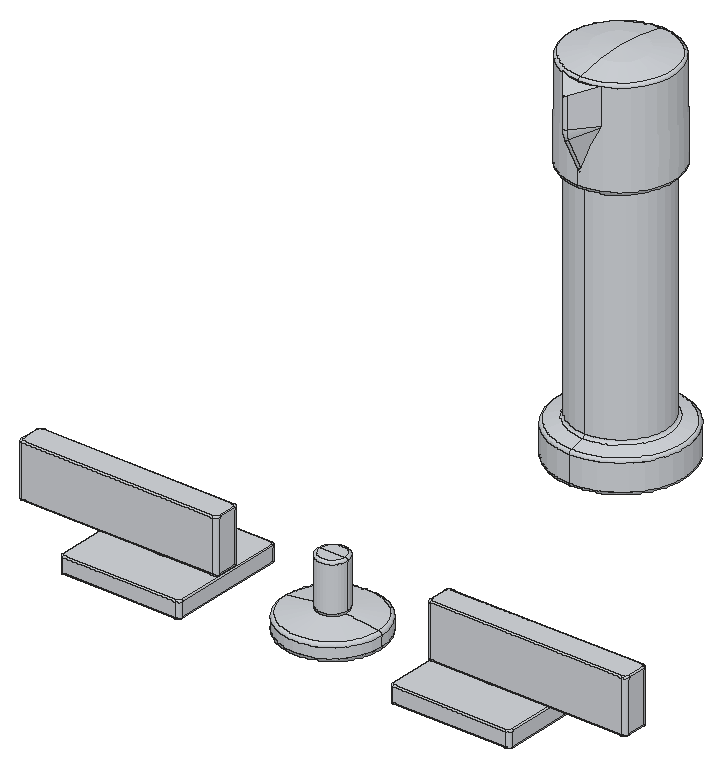
Revit family "Faucet-Bidet-KOHLER-Loure-K-14663", category Plumbing Fixtures, host Face, Revit 2017
Family settings
  Host = Face
  Round Connector Dimension = Use Diameter
  Part Type = Normal
  OmniClass Number = 23.31.11.00
  OmniClass Title = Faucets
  Cut with Voids When Loaded = No
  Shared = No
  Room Calculation Point = No
Parameters (values of type "CP-Polished Chrome")
  Width [instance] = Faucet Hole Spacing  # 5 1/2"
  WaterSense Certified = 1 = 0  # no
  Waste Water Outlet = "Waste Water Outlet"  # constant formula
  Waste Connection = 1 = 0  # no
  Vent Connection = 1 = 0  # no
  URL = "https://www.us.kohler.com/us/"
  Type = 1
  Spray Handle Distance [instance] = 6"
  Product Page URL = "http://www.us.kohler.com/us/catalog/productDetails.jsp?productNumber=14663-4"
  Product Name = "Loure"  # constant formula
  Product Documentation Link = "https://www.us.kohler.com/webassets/kpna/catalog/pdf/en/K-14663-4_spec.pdf"
  Pressure = 0.00 psi
  Model = if(Type = 1, "K-14663-4-CP", if(Type = 2, "K-14663-4-SN", if(Type = 3, "K-14663-4-BN", "NA")))  # "K-14663-4-CP"
  Material = "Premium Metal construction"  # constant formula
  MasterFormat 2004 = "22.41.39"  # constant formula
  MasterFormat 1995 = "15410"  # constant formula
  Manufacturer Address = "444 Highland Dr, Kohler, WI 53044"  # constant formula
  Manufacturer = "KOHLER Co."  # constant formula
  Length = 2 1/8"  # constant formula
  Hot Water Inlet = "Hot Water Inlet"  # constant formula
  Height = 6 1/8"  # constant formula
  Handle Clearance = 2 5/16"  # constant formula
  HW Connection = 1 = 1  # yes
  Flow Rate = 0 GPM
  Finish = Kohler-Metal-CP-Polished_Chrome
  Faucet Hole Spacing [instance] = 5 1/2"
  Environmental Product Declaration = ""
  Drain Included = 1 = 1  # yes
  Description = "Vertical bidet faucet with lever handles"  # constant formula
  Default Elevation = 36"
  Declare Label = ""
  Date Modified = "01/29/2020"  # constant formula
  Date Created = "01/29/2020"  # constant formula
  Copyright = "Copyright KOHLER Co."  # constant formula
  Contact Us = "https://www.us.kohler.com/us/static/contact.jsp"
  Cold Water Inlet = "Cold Water Inlet"  # constant formula
  CW Connection = 1 = 1  # yes
  Assembly Code = "D2010"
  ADA Compliant = 1 = 0  # no
Types (4): name | Type | Model | Finish
  (no name) | 1 | "K-14663-4-CP" | Kohler-Metal-CP-Polished_Chrome
  CP-Polished Chrome | 1 | "K-14663-4-CP" | Kohler-Metal-CP-Polished_Chrome
  SN-Vibrant Polished Nickel | 2 | "K-14663-4-SN" | Kohler-Metal-SN-Vibrant_Polished_Nickel
  BN-Vibrant Brushed Nickel | 3 | "K-14663-4-BN" | Kohler-Metal-BN-Vibrant_Brushed_Nickel
Reference planes (in)
  plane 1 "Center (Front/Back)": y = 0
  plane 2: z = 0
  plane 3 "Center (Left/Right)": x = 0
  plane 4: y = 6
  plane 5: x = -2.75
  plane 6: y = 1
  plane 7: y = -1
  plane 8: x = -3.75
  plane 9: x = -1.75
  plane 10: x = 2.75
  plane 11: x = 1.75
  plane 12: x = 3.75
  plane 13: x = 5.0625
  plane 14: x = -5.0625
  plane 15: y = 7.0625
  plane 16: y = 4.9375
  plane 17: x = -1.0625
  plane 18: x = 1.0625
  plane 19: y = 4.8194
  plane 20: z = 1.1875
  plane 21: x = -0.8125
  plane 22: x = 0.8125
  plane 23: y = 0.8125
  plane 24: y = -0.8125
  plane 25: z = 6.125
Dimensions and locks (in)
  "Spray Handle Distance": plane 1 "Center (Front/Back)" to plane 4
  locked: plane 8 to plane 9 at 2
  locked: plane 11 to plane 12 at 2
  "Handle Clearance": plane 10 to plane 13
  "Handle Clearance": plane 14 to plane 5
  equal spacing: plane 15, plane 4, plane 16
  "Length": plane 15 to plane 16
  locked: plane 16 to plane 19 at 0.1181
  locked: plane 7 to plane 6 at 2
  locked: plane 23 to plane 24 at 1.625
  locked: plane 17 to plane 18 at 2.125
  locked: plane 22 to plane 21 at 1.625
  locked: plane 20 to plane 2 at 1.1875
  plane 15 to plane 19 = 2.2431"
  "Faucet Hole Spacing": plane 5 to plane 10
  "Height": plane 25 to plane 2
  plane 15 to plane 16 = 2 1/8"
  equal spacing: plane 5, plane 3 "Center (Left/Right)", plane 10
  equal spacing: plane 8, plane 5, plane 9
  equal spacing: plane 11, plane 10, plane 12
  aligned and locked: plane 2 to host face
  aligned and locked: level to host face
  aligned and locked: plane 4 to nested 3
  aligned and locked: plane 5 to nested 2
  aligned and locked: plane 10 to nested 4
Automatic sketch dimensions
  host sketch curve to host sketch curve = 96"  (x2)
Nested families (in)
  nested 1: "K-14663" at (0, 0, 0), type "K-14663"
  nested 2: "K-14663_Handle" at (-2.75, 0, 0), type "K-14663_Handle"
  nested 3: "K-14663_Faucet" at (0, 6, 0), type "K-14663_Faucet"
  nested 4: "K-14663_Handle" at (2.75, 0, 0) x (-1, 0, 0) z (0, 0, 1), type "K-14663_Handle"
Connectors (in)
  piping at (-2.75, 0, 0), diameter 0.5, driven by "HW Connection", driven by "Hot Water Inlet"
    settings: on nested 2, index 1, connector inside diameter 24", connector length 0", flow factor 0, pipe flow 0 GPM, pressure drop 0.00 psi, fitting loss kfactor 0, connector angle 0.00°, fixture units 0, engagement length 0", angle of deflection 0.00°, flow configuration 0, flow direction 1, fitting loss method 0, system type 19, joint type 0, gender type 0, connector reference index -1, connector utility 1, adjustable connector no, is connector primary yes, connector description "Hot Water Inlet"
  piping at (2.75, 0, 0), diameter 0.5, driven by "CW Connection", driven by "Cold Water Inlet"
    settings: on nested 4, index 2, connector inside diameter 24", connector length 0", flow factor 0, pipe flow 0 GPM, pressure drop 0.00 psi, fitting loss kfactor 0, connector angle 0.00°, fixture units 0, engagement length 0", angle of deflection 0.00°, flow configuration 0, flow direction 1, fitting loss method 0, system type 20, joint type 0, gender type 0, connector reference index -1, connector utility 1, adjustable connector no, is connector primary no, connector description "Cold Water Inlet"
Definition of nested family "K-14663"
  Parameters (values of type "K-14663")
    Finish = none
  Reference planes (in)
    plane 1 "Center (Front/Back)": y = 0
    plane 2: z = 0
    plane 3 "Center (Left/Right)": x = 0
    plane 4: y = 0.8125
    plane 5: y = -0.8125
    plane 6: x = -0.8125
    plane 7: x = 0.8125
    plane 8: z = 1.18627
  Forms (in)
    Revolve 1, solid, material <- "Finish", detail levels medium+fine
      sketch origin (0, 0, 0) x (1, 0, 0) y (0, 0, 1)
        loop
          line (0, 1.18627) -> (-0.20995, 1.18627)
          arc (-0.20995, 1.18627) -> (-0.23816, 1.17459) -> (-0.24984, 1.14638) r 0.03989
          line (-0.24984, 1.14638) -> (-0.24984, 0.40734)
          arc (-0.24984, 0.40734) -> (-0.23781, 0.3783) -> (-0.20877, 0.36627) r 0.04107
          arc (-0.20877, 0.36627) -> (-0.48731, 0.33595) -> (-0.76312, 0.28659) r 4.08012
          arc (-0.76312, 0.28659) -> (-0.79861, 0.26476) -> (-0.8125, 0.22548) r 0.0625
          line (-0.8125, 0.22548) -> (-0.8125, 0.06122)
          arc (-0.8125, 0.06122) -> (-0.79457, 0.01793) -> (-0.75128, 0) r 0.06122
          line (-0.75128, 0) -> (0, 0) -> (0, 1.18627)
        axis (0, 1.18627) -> (0, 0)
      angle from 0 to 360
    Revolve 2, solid, material <- "Finish", detail levels coarse
      sketch origin (0, 0, 0) x (1, 0, 0) y (0, 0, 1)
        loop
          line (-0.8125, 0) -> (0, 0) -> (0, 1.18627) -> (-0.24984, 1.18627) -> (-0.24984, 0.36627) -> (-0.8125, 0.36627) -> (-0.8125, 0)
        axis (0, 1.18627) -> (0, 0)
      angle from 0 to 360
  Lines and regions (in)
    Masking region 1
      outline origin (0, 0, 0) x (1, 0, 0) y (0, 1, 0)
        loop
          circle (0, 0) r 0.8125
    Masking region 2
      outline origin (0, 0, 0) x (1, 0, 0) y (0, 0, 1)
        loop
          line (-0.75128, 0) -> (0, 0) -> (0.75128, 0)
          arc (0.75128, 0) -> (0.79457, 0.01793) -> (0.8125, 0.06122) r 0.06122
          line (0.8125, 0.06122) -> (0.8125, 0.22548)
          arc (0.8125, 0.22548) -> (0.79861, 0.26476) -> (0.76312, 0.28659) r 0.0625
          arc (0.76312, 0.28659) -> (0.48731, 0.33595) -> (0.20877, 0.36627) r 4.08012
          arc (0.20877, 0.36627) -> (0.23781, 0.3783) -> (0.24984, 0.40734) r 0.04107
          line (0.24984, 0.40734) -> (0.24984, 1.14638)
          arc (0.24984, 1.14638) -> (0.23816, 1.17459) -> (0.20995, 1.18627) r 0.03989
          line (0.20995, 1.18627) -> (0, 1.18627) -> (-0.20995, 1.18627)
          arc (-0.20995, 1.18627) -> (-0.23816, 1.17459) -> (-0.24984, 1.14638) r 0.03989
          line (-0.24984, 1.14638) -> (-0.24984, 0.40734)
          arc (-0.24984, 0.40734) -> (-0.23781, 0.3783) -> (-0.20877, 0.36627) r 0.04107
          arc (-0.20877, 0.36627) -> (-0.48731, 0.33595) -> (-0.76312, 0.28659) r 4.08012
          arc (-0.76312, 0.28659) -> (-0.79861, 0.26476) -> (-0.8125, 0.22548) r 0.0625
          line (-0.8125, 0.22548) -> (-0.8125, 0.06122)
          arc (-0.8125, 0.06122) -> (-0.79457, 0.01793) -> (-0.75128, 0) r 0.06122
    Masking region 3
      outline origin (0, 0, 0) x (0, 1, 0) y (0, 0, 1)
        loop
          arc (0.75128, 0) -> (0.79457, 0.01793) -> (0.8125, 0.06122) r 0.06122
          line (0.8125, 0.06122) -> (0.8125, 0.22548)
          arc (0.8125, 0.22548) -> (0.79861, 0.26476) -> (0.76312, 0.28659) r 0.0625
          arc (0.76312, 0.28659) -> (0.48731, 0.33595) -> (0.20877, 0.36627) r 4.08012
          arc (0.20877, 0.36627) -> (0.23781, 0.3783) -> (0.24984, 0.40734) r 0.04107
          line (0.24984, 0.40734) -> (0.24984, 1.14638)
          arc (0.24984, 1.14638) -> (0.23816, 1.17459) -> (0.20995, 1.18627) r 0.03989
          line (0.20995, 1.18627) -> (0, 1.18627) -> (-0.20995, 1.18627)
          arc (-0.20995, 1.18627) -> (-0.23816, 1.17459) -> (-0.24984, 1.14638) r 0.03989
          line (-0.24984, 1.14638) -> (-0.24984, 0.40734)
          arc (-0.24984, 0.40734) -> (-0.23781, 0.3783) -> (-0.20877, 0.36627) r 0.04107
          arc (-0.20877, 0.36627) -> (-0.48731, 0.33595) -> (-0.76312, 0.28659) r 4.08012
          arc (-0.76312, 0.28659) -> (-0.79861, 0.26476) -> (-0.8125, 0.22548) r 0.0625
          line (-0.8125, 0.22548) -> (-0.8125, 0.06122)
          arc (-0.8125, 0.06122) -> (-0.79457, 0.01793) -> (-0.75128, 0) r 0.06122
          line (-0.75128, 0) -> (0, 0) -> (0.75128, 0)
    symbolic lines, detail levels medium+fine
      curve 1: circle (0, 0, 0) r 0.25 normal (0, 0, 1)
      curve 2: line (-0.20877, 0, 0.36627) -> (0.20877, 0, 0.36627)
      curve 3: line (0, 0.20877, 0.36627) -> (0, -0.20877, 0.36627)
  Dimensions and locks (in)
    plane 1 "Center (Front/Back)" to plane 4 = 13/16"
    plane 6 to plane 3 "Center (Left/Right)" = 13/16"
    aligned and locked: plane 2 to level
Definition of nested family "K-14663_Handle"
  Parameters (values of type "K-14663_Handle")
    Finish = none
  Reference planes (in)
    plane 1 "Center (Front/Back)": y = 0
    plane 2: z = 0
    plane 3 "Center (Left/Right)": x = 0
    plane 4: y = 1
    plane 5: y = -1
    plane 6: x = -1
    plane 7: x = 1
    plane 8: x = -2.3125
    plane 9: z = 1.1875
  Forms (in)
    Sweep 1, solid, material <- "Finish", detail levels medium+fine
      path origin (0, 0, 0) x (1, 0, 0) y (0, 1, 0)
        loop
          line (-1, 0.94122) -> (-1, -0.94122)
          arc (-1, -0.94122) -> (-0.98278, -0.98278) -> (-0.94122, -1) r 0.05878
          line (-0.94122, -1) -> (0.94122, -1)
          arc (0.94122, -1) -> (0.98278, -0.98278) -> (1, -0.94122) r 0.05878
          line (1, -0.94122) -> (1, 0.94122)
          arc (1, 0.94122) -> (0.98278, 0.98278) -> (0.94122, 1) r 0.05878
          line (0.94122, 1) -> (-0.94122, 1)
          arc (-0.94122, 1) -> (-0.98278, 0.98278) -> (-1, 0.94122) r 0.05878
      profile origin (0, 1, 0) x (0, 1, 0) y (0, 0, 1)
        loop
          line (0, 0.02255) -> (0, 0.25531)
          arc (0, 0.25531) -> (-0.00577, 0.26923) -> (-0.01969, 0.275) r 0.01969
          line (-0.01969, 0.275) -> (-0.05521, 0.275) -> (-0.05521, 0) -> (-0.02255, 0)
          arc (-0.02255, 0) -> (-0.00661, 0.00661) -> (0, 0.02255) r 0.02255
    Extrusion 2, solid, material <- "Finish", detail levels medium+fine
      sketch origin (0, 0, 0) x (1, 0, 0) y (0, 1, 0)
        loop
          line (-0.94479, 0.94479) -> (-0.94479, -0.94479) -> (0.94479, -0.94479) -> (0.94479, 0.94479) -> (-0.94479, 0.94479)
      from 0 to 0.275
    Sweep 3, solid, material <- "Finish", detail levels medium+fine
      path origin (0, 0, 0) x (1, 0, 0) y (0, 1, 0)
        loop
          arc (1, 0.15359) -> (0.98055, 0.20055) -> (0.93359, 0.22) r 0.06641
          line (0.93359, 0.22) -> (-2.24466, 0.22)
          arc (-2.24466, 0.22) -> (-2.29263, 0.20013) -> (-2.3125, 0.15216) r 0.06784
          line (-2.3125, 0.15216) -> (-2.3125, -0.15359)
          arc (-2.3125, -0.15359) -> (-2.29305, -0.20055) -> (-2.24609, -0.22) r 0.06641
          line (-2.24609, -0.22) -> (0.93359, -0.22)
          arc (0.93359, -0.22) -> (0.98055, -0.20055) -> (1, -0.15359) r 0.06641
          line (1, -0.15359) -> (1, 0.15359)
      profile origin (-2.3125, -0.00071, 0) x (1, 0, 0) y (0, 0, 1)
        loop
          line (0.05286, 1.1875) -> (0.02044, 1.1875)
          arc (0.02044, 1.1875) -> (0.00599, 1.18151) -> (0, 1.16706) r 0.02044
          line (0, 1.16706) -> (0, 0.32278)
          arc (0, 0.32278) -> (0.00638, 0.30738) -> (0.02178, 0.301) r 0.02178
          line (0.02178, 0.301) -> (0.05286, 0.301) -> (0.05286, 1.1875)
    Extrusion 4, solid, material <- "Finish", detail levels medium+fine
      sketch origin (0, 0, 0) x (1, 0, 0) y (0, 1, 0)
        loop
          line (-2.27526, -0.17495) -> (0.96276, -0.17495) -> (0.96276, 0.17495) -> (-2.27526, 0.17495) -> (-2.27526, -0.17495)
      from 0.301 to 1.18627
    Extrusion 5, solid, material <- "Finish", detail levels medium+fine
      sketch origin (0, 0, 0) x (1, 0, 0) y (0, 1, 0)
        loop
          circle (0, 0) r 0.18165
      from 0.21727 to 0.3324
    Extrusion 6, solid, material <- "Finish", detail levels coarse
      sketch origin (0, 0, 0) x (1, 0, 0) y (0, 1, 0)
        loop
          line (-1, 1) -> (-1, -1) -> (1, -1) -> (1, 1) -> (-1, 1)
      from 0 to 0.275
    Extrusion 7, solid, material <- "Finish", detail levels coarse
      sketch origin (0, 0, 0) x (1, 0, 0) y (0, 1, 0)
        loop
          line (1, 0.21999) -> (-2.3125, 0.21999) -> (-2.3125, -0.21999) -> (1, -0.21999) -> (1, 0.21999)
      from 0.301 to 1.18021
    Extrusion 8, solid, material <- "Finish", detail levels coarse
      sketch origin (0, 0, 0) x (1, 0, 0) y (0, 1, 0)
        loop
          circle (0, 0) r 0.20478
      from 0.10026 to 0.66149
    Extrusion 9, solid, material <- "Finish", detail levels medium+fine
      sketch origin (0, 0, 0) x (1, 0, 0) y (0, 1, 0)
        loop
          circle (0, 0) r 0.06418
      from 0 to 0.05774
  Cuts and joins
    joined: Sweep 1, Extrusion 2, Sweep 3, Extrusion 4, Extrusion 5
    joined: Extrusion 6, Extrusion 7, Extrusion 8
  Lines and regions (in)
    Masking region 1
      outline origin (0, 0, 0) x (1, 0, 0) y (0, 1, 0)
        loop
          arc (-0.94023, 1) -> (-0.98249, 0.98249) -> (-1, 0.94023) r 0.05977
          line (-1, 0.94023) -> (-1, 0.21999) -> (-2.2447, 0.21999)
          arc (-2.2447, 0.21999) -> (-2.29264, 0.20013) -> (-2.3125, 0.15219) r 0.0678
          line (-2.3125, 0.15219) -> (-2.3125, -0.15359)
          arc (-2.3125, -0.15359) -> (-2.29305, -0.20054) -> (-2.2461, -0.21999) r 0.0664
          line (-2.2461, -0.21999) -> (-1, -0.21999) -> (-1, -0.94347)
          arc (-1, -0.94347) -> (-0.98344, -0.98344) -> (-0.94347, -1) r 0.05653
          line (-0.94347, -1) -> (0.94033, -1)
          arc (0.94033, -1) -> (0.98252, -0.98252) -> (1, -0.94033) r 0.05967
          line (1, -0.94033) -> (1, 0.94076)
          arc (1, 0.94076) -> (0.98265, 0.98265) -> (0.94076, 1) r 0.05924
          line (0.94076, 1) -> (-0.94023, 1)
    Masking region 2
      outline origin (0, 0, 0) x (1, 0, 0) y (0, 0, 1)
        loop
          line (0.97942, 0.275) -> (0.19986, 0.275) -> (0.18165, 0.301) -> (0.97885, 0.301)
          arc (0.97885, 0.301) -> (0.99381, 0.30719) -> (1, 0.32215) r 0.02115
          line (1, 0.32215) -> (1, 1.16686)
          arc (1, 1.16686) -> (0.99395, 1.18145) -> (0.97936, 1.1875) r 0.02064
          line (0.97936, 1.1875) -> (-2.2904, 1.1875)
          arc (-2.2904, 1.1875) -> (-2.30603, 1.18103) -> (-2.3125, 1.1654) r 0.0221
          line (-2.3125, 1.1654) -> (-2.3125, 0.32411)
          arc (-2.3125, 0.32411) -> (-2.30573, 0.30777) -> (-2.28939, 0.301) r 0.02311
          line (-2.28939, 0.301) -> (-0.18165, 0.301) -> (-0.19986, 0.275) -> (-0.98016, 0.275)
          arc (-0.98016, 0.275) -> (-0.99419, 0.26919) -> (-1, 0.25516) r 0.01984
          line (-1, 0.25516) -> (-1, 0.02207)
          arc (-1, 0.02207) -> (-0.99353, 0.00647) -> (-0.97793, 0) r 0.02207
          line (-0.97793, 0) -> (0.97734, 0)
          arc (0.97734, 0) -> (0.99336, 0.00664) -> (1, 0.02266) r 0.02266
          line (1, 0.02266) -> (1, 0.25442)
          arc (1, 0.25442) -> (0.99397, 0.26897) -> (0.97942, 0.275) r 0.02058
    Masking region 3
      outline origin (0, 0, 0) x (0, 1, 0) y (0, 0, 1)
        loop
          arc (0.97889, 0) -> (0.99382, 0.00618) -> (1, 0.02111) r 0.02111
          line (1, 0.02111) -> (1, 0.25535)
          arc (1, 0.25535) -> (0.99425, 0.26925) -> (0.98035, 0.275) r 0.01965
          line (0.98035, 0.275) -> (0.17966, 0.275) -> (0.16212, 0.301) -> (0.19847, 0.301)
          arc (0.19847, 0.301) -> (0.2137, 0.30731) -> (0.22002, 0.32255) r 0.02155
          line (0.22002, 0.32255) -> (0.22002, 1.1675)
          arc (0.22002, 1.1675) -> (0.21416, 1.18164) -> (0.20002, 1.1875) r 0.02
          line (0.20002, 1.1875) -> (-0.20002, 1.1875)
          arc (-0.20002, 1.1875) -> (-0.21416, 1.18164) -> (-0.22002, 1.1675) r 0.02
          line (-0.22002, 1.1675) -> (-0.22002, 0.32255)
          arc (-0.22002, 0.32255) -> (-0.2137, 0.30731) -> (-0.19847, 0.301) r 0.02155
          line (-0.19847, 0.301) -> (-0.16212, 0.301) -> (-0.17966, 0.275) -> (-0.98035, 0.275)
          arc (-0.98035, 0.275) -> (-0.99425, 0.26925) -> (-1, 0.25535) r 0.01965
          line (-1, 0.25535) -> (-1, 0.02111)
          arc (-1, 0.02111) -> (-0.99382, 0.00618) -> (-0.97889, 0) r 0.02111
          line (-0.97889, 0) -> (0.97889, 0)
    symbolic lines, detail levels medium+fine
      curve 1: line (-1, 0.21999, 0) -> (0.92276, 0.21999, 0)
      curve 2: line (-1, -0.21999, 0) -> (0.92276, -0.21999, 0)
      curve 3: arc (0.92276, -0.21999, 0) -> (0.98106, -0.19372, 0) -> (1, -0.13264, 0) r 0.07783
      curve 4: arc (0.92276, 0.21999, 0) -> (0.97396, 0.20083, 0) -> (1, 0.15276, 0) r 0.07799
      curve 5: line (-0.19986, 0, 0.275) -> (0.19986, 0, 0.275)
      curve 6: line (-0.18165, 0, 0.301) -> (0.18165, 0, 0.301)
      curve 7: line (0, 0.16212, 0.301) -> (0, -0.16212, 0.301)
      curve 8: line (0, 0.17966, 0.275) -> (0, -0.17966, 0.275)
  Dimensions and locks (in)
    plane 1 "Center (Front/Back)" to plane 4 = 1"
    plane 6 to plane 3 "Center (Left/Right)" = 1"
    plane 8 to plane 3 "Center (Left/Right)" = 2 5/16"
    aligned and locked: plane 2 to level
Definition of nested family "K-14663_Faucet"
  Parameters (values of type "K-14663_Faucet")
    Material = none
  Reference planes (in)
    plane 1 "Center (Front/Back)": y = 0
    plane 2: z = 0
    plane 3 "Center (Left/Right)": x = 0
    plane 4: z = 6.125
    plane 5: y = 1.0625
    plane 6: y = -1.0625
    plane 7: x = -1.0625
    plane 8: x = 1.0625
    plane 9: y = 0
  Forms (in)
    Revolve 1, solid, material <- "Material", detail levels medium+fine
      sketch origin (0, 0, 0) x (0, 1, 0) y (0, 0, 1)
        loop
          line (0, 0) -> (1.01377, 0)
          arc (1.01377, 0) -> (1.04823, 0.01427) -> (1.0625, 0.04873) r 0.04873
          line (1.0625, 0.04873) -> (1.0625, 0.48379)
          arc (1.0625, 0.48379) -> (1.05096, 0.51778) -> (1.02112, 0.53772) r 0.05583
          line (1.02112, 0.53772) -> (0.79067, 0.59947)
          arc (0.79067, 0.59947) -> (0.76134, 0.61907) -> (0.75, 0.65247) r 0.05487
          line (0.75, 0.65247) -> (0.75, 4.37497) -> (0.84355, 4.37497)
          arc (0.84355, 4.37497) -> (0.87583, 4.38842) -> (0.88901, 4.42081) r 0.04547
          line (0.88901, 4.42081) -> (0.87626, 5.9721)
          arc (0.87626, 5.9721) -> (0.86488, 6.00446) -> (0.83605, 6.02304) r 0.05293
          arc (0.83605, 6.02304) -> (0.42113, 6.09943) -> (0, 6.12497) r 3.47549
          line (0, 6.12497) -> (0, 0)
        axis (0, 0) -> (0, 6.12497)
      angle from 0 to 360
    Sweep 2, solid, material <- "Material", detail levels medium+fine
      path origin (0, 0, 0.01562) x (0, 1, 0) y (0, 0, 1)
        loop
          line (-1.17997, 6.12296) -> (-1.17997, 5.37296)
          arc (-1.17997, 5.37296) -> (-1.16941, 5.27921) -> (-1.13826, 5.19016) r 0.42147
          line (-1.13826, 5.19016) -> (-0.83096, 4.55175)
      profile origin (0, -1.17997, 5.76359) x (1, 0, 0) y (0, 1, 0)
        loop
          line (0.36438, 0.42049) -> (-0.36438, 0.42049) -> (-0.03836, 0.01788)
          arc (-0.03836, 0.01788) -> (0, -0.00041) -> (0.03836, 0.01788) r 0.04935
          line (0.03836, 0.01788) -> (0.36438, 0.42049)
    Extrusion 3, void
      sketch origin (0, 0, -0.01953) x (0, 1, 0) y (0, 0, 1)
        loop
          line (-0.74656, 6.0223) -> (-0.74656, 6.20201) -> (-1.25555, 6.20201) -> (-1.25555, 5.86875)
          arc (-1.25555, 5.86875) -> (-1.00426, 5.95616) -> (-0.74656, 6.0223) r 3.18536
      from -0.40203 to 0.39277
    Revolve 4, solid, material <- "Material", detail levels coarse
      sketch origin (0, 0, 0) x (0, 1, 0) y (0, 0, 1)
        loop
          line (0, 0) -> (1.0625, 0) -> (1.0625, 0.52664) -> (0.88902, 0.57312) -> (0.88902, 6.125) -> (0, 6.125) -> (0, 0)
        axis (0, 6.125) -> (0, 0)
      angle from 0 to 360
    Extrusion 5, solid, material <- "Material", detail levels coarse
      sketch origin (0, 0, 0) x (0, 1, 0) y (0, 0, 1)
        loop
          line (-1.18038, 6.05788) -> (-1.18038, 4.56719) -> (-0.75948, 4.56719) -> (-0.75948, 6.05788) -> (-1.18038, 6.05788)
      from -0.36438 to 0.36438
  Cuts and joins
    Extrusion 3 cuts Sweep 2
    joined: Revolve 4, Extrusion 5
  Lines and regions (in)
    Masking region 1
      outline origin (0, 0, 0) x (0, 1, 0) y (0, 0, 1)
        loop
          arc (1.01339, 0) -> (1.04812, 0.01438) -> (1.0625, 0.04911) r 0.04911
          line (1.0625, 0.04911) -> (1.0625, 0.48491)
          arc (1.0625, 0.48491) -> (1.05126, 0.51802) -> (1.0222, 0.53744) r 0.05438
          line (1.0222, 0.53744) -> (0.79058, 0.5995)
          arc (0.79058, 0.5995) -> (0.76131, 0.61905) -> (0.75, 0.65238) r 0.05474
          line (0.75, 0.65238) -> (0.75, 4.37584) -> (0.84433, 4.37584)
          arc (0.84433, 4.37584) -> (0.87607, 4.38906) -> (0.88902, 4.42091) r 0.04469
          line (0.88902, 4.42091) -> (0.87609, 5.973)
          arc (0.87609, 5.973) -> (0.86468, 6.00542) -> (0.83579, 6.02404) r 0.05304
          arc (0.83579, 6.02404) -> (-0.18004, 6.12117) -> (-1.18038, 5.91949) r 3.48027
          line (-1.18038, 5.91949) -> (-1.18038, 5.45191)
          arc (-1.18038, 5.45191) -> (-1.16979, 5.35798) -> (-1.13854, 5.26876) r 0.42183
          line (-1.13854, 5.26876) -> (-0.88632, 4.74546) -> (-0.88902, 4.42091)
          arc (-0.88902, 4.42091) -> (-0.87607, 4.38906) -> (-0.84433, 4.37584) r 0.04469
          line (-0.84433, 4.37584) -> (-0.75, 4.37584) -> (-0.75, 0.65238)
          arc (-0.75, 0.65238) -> (-0.76131, 0.61905) -> (-0.79058, 0.5995) r 0.05474
          line (-0.79058, 0.5995) -> (-1.0222, 0.53744)
          arc (-1.0222, 0.53744) -> (-1.05126, 0.51802) -> (-1.0625, 0.48491) r 0.05438
          line (-1.0625, 0.48491) -> (-1.0625, 0.04911)
          arc (-1.0625, 0.04911) -> (-1.04812, 0.01438) -> (-1.01339, 0) r 0.04911
          line (-1.01339, 0) -> (1.01339, 0)
    Masking region 2
      outline origin (0, 0, 0) x (1, 0, 0) y (0, 0, 1)
        loop
          line (-1.01339, 0) -> (1.01339, 0)
          arc (1.01339, 0) -> (1.04812, 0.01438) -> (1.0625, 0.04911) r 0.04911
          line (1.0625, 0.04911) -> (1.0625, 0.48508)
          arc (1.0625, 0.48508) -> (1.05126, 0.51818) -> (1.0222, 0.5376) r 0.05438
          line (1.0222, 0.5376) -> (0.79118, 0.5995)
          arc (0.79118, 0.5995) -> (0.76191, 0.61905) -> (0.7506, 0.65238) r 0.05474
          line (0.7506, 0.65238) -> (0.7506, 4.37584) -> (0.84493, 4.37584)
          arc (0.84493, 4.37584) -> (0.87666, 4.38906) -> (0.88962, 4.42091) r 0.04469
          line (0.88962, 4.42091) -> (0.87671, 5.97031)
          arc (0.87671, 5.97031) -> (0.86458, 6.00479) -> (0.83384, 6.02458) r 0.05637
          arc (0.83384, 6.02458) -> (-0.00071, 6.12584) -> (-0.83519, 6.02404) r 3.48027
          arc (-0.83519, 6.02404) -> (-0.86408, 6.00542) -> (-0.87549, 5.973) r 0.05304
          line (-0.87549, 5.973) -> (-0.88842, 4.42091)
          arc (-0.88842, 4.42091) -> (-0.87547, 4.38906) -> (-0.84373, 4.37584) r 0.04469
          line (-0.84373, 4.37584) -> (-0.7494, 4.37584) -> (-0.7494, 0.65238)
          arc (-0.7494, 0.65238) -> (-0.76072, 0.61905) -> (-0.78998, 0.5995) r 0.05474
          line (-0.78998, 0.5995) -> (-1.0222, 0.53728)
          arc (-1.0222, 0.53728) -> (-1.05126, 0.51786) -> (-1.0625, 0.48475) r 0.05438
          line (-1.0625, 0.48475) -> (-1.0625, 0.04911)
          arc (-1.0625, 0.04911) -> (-1.04812, 0.01438) -> (-1.01339, 0) r 0.04911
    Masking region 3
      outline origin (0, 0, 0) x (1, 0, 0) y (0, 1, 0)
        loop
          arc (0.12498, -1.05512) -> (0, 1.0625) -> (-0.12498, -1.05512) r 1.0625
          line (-0.12498, -1.05512) -> (-0.03756, -1.16308)
          arc (-0.03756, -1.16308) -> (0, -1.18099) -> (0.03756, -1.16308) r 0.04834
          line (0.03756, -1.16308) -> (0.12498, -1.05512)
    symbolic lines, detail levels medium+fine
      curve 1: line (0, 0.75, 4.37584) -> (0, -0.75, 4.37584)
      curve 2: line (0, 0.79058, 0.5995) -> (0, -0.79058, 0.5995)
      curve 3: line (-0.7494, 0, 4.37584) -> (0.7506, 0, 4.37584)
      curve 4: line (-0.78998, 0, 0.5995) -> (0.10072, 0, 0.5995)
      curve 5: line (0.79118, 0, 0.5995) -> (0.10072, 0, 0.5995)
      curve 6: spline (-0.03757, 0, 5.86034) -> (-0.06028, 0, 5.87016) -> (-0.08304, 0, 5.87971) -> (-0.10584, 0, 5.88899) -> (-0.12869, 0, 5.898) -> (-0.15158, 0, 5.90674) -> (-0.17451, 0, 5.91521) -> (-0.19747, 0, 5.92341) -> (-0.22048, 0, 5.93134) -> (-0.24352, 0, 5.939) -> (-0.26659, 0, 5.94639) -> (-0.2897, 0, 5.9535) -> (-0.31284, 0, 5.96035)
      curve 7: spline (0.31284, 0, 5.96035) -> (0.2897, 0, 5.9535) -> (0.26659, 0, 5.94639) -> (0.24352, 0, 5.939) -> (0.22048, 0, 5.93134) -> (0.19747, 0, 5.92341) -> (0.17451, 0, 5.91521) -> (0.15158, 0, 5.90674) -> (0.12869, 0, 5.898) -> (0.10584, 0, 5.88899) -> (0.08304, 0, 5.87971) -> (0.06028, 0, 5.87016) -> (0.03757, 0, 5.86034)
      curve 8: spline (0.03756, 0, 5.86036) -> (0.03272, 0, 5.85854) -> (0.02713, 0, 5.85699) -> (0.02091, 0, 5.85575) -> (0.01422, 0, 5.85484) -> (0.00719, 0, 5.85428) -> (0, 0, 5.8541) -> (-0.00719, 0, 5.85428) -> (-0.01422, 0, 5.85484) -> (-0.02091, 0, 5.85575) -> (-0.02713, 0, 5.85699) -> (-0.03272, 0, 5.85854) -> (-0.03756, 0, 5.86036)
      curve 9: line (-0.31284, 0, 5.96035) -> (-0.31284, 0, 5.40293)
      curve 10: line (-0.31284, 0, 5.40293) -> (-0.03206, 0, 4.72791)
      curve 11: line (0.31284, 0, 5.96035) -> (0.31284, 0, 5.40293)
      curve 12: line (0.31284, 0, 5.40293) -> (0.03206, 0, 4.72791)
      curve 13: arc (-0.03206, 0, 4.72791) -> (0, 0, 4.70652) -> (0.03206, 0, 4.72791) r 0.03472
      curve 14: arc (-0.31284, 0, 5.96035) -> (0, 0, 5.94358) -> (0.31284, 0, 5.96035) r 2.92722
      curve 15: arc (0.30076, -0.83805, 0) -> (0, 0.89039, 0) -> (-0.30076, -0.83805, 0) r 0.89039
      curve 16: line (0.12498, -1.05512, 0) -> (0.30076, -0.83805, 0)
      curve 17: line (-0.12498, -1.05512, 0) -> (-0.30076, -0.83805, 0)
  Dimensions and locks (in)
    plane 4 to plane 2 = 6 1/8"
    plane 5 to plane 6 = 2 1/8"
    plane 7 to plane 8 = 2 1/8"
    plane 4 to level = 6 1/8"
    aligned and locked: plane 2 to level
